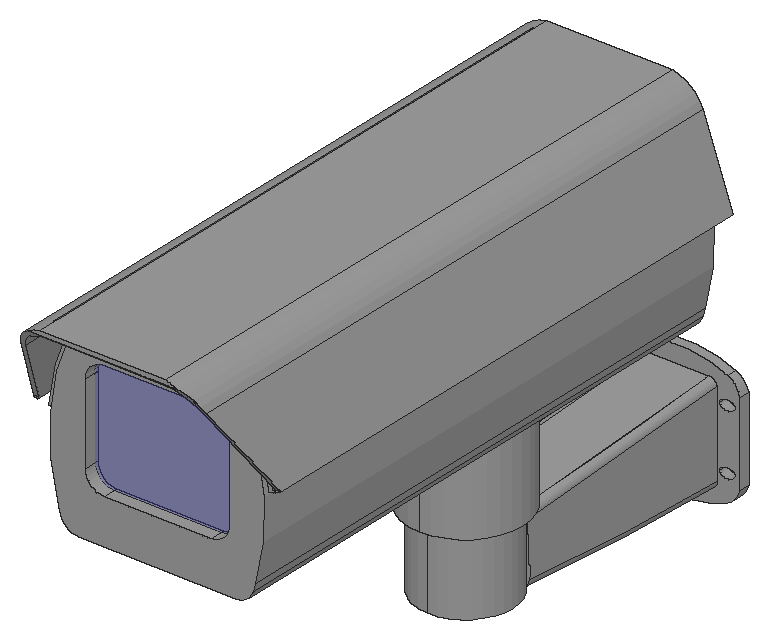
Revit family "SDP-857_RV17_LOD_400", category Электрооборудование, Revit 2017
Family settings
  Конфигурация панели = Два столбца, слева направо
  Размер круглого соединителя = Использовать диаметр
  Тип детали = Щит
  На основе рабочей плоскости = Да
  Всегда вертикально = Нет
  При загрузке вырезать с полостями = Нет
  Общий = Нет
  Точка расчета площади = Нет
Parameters (values of type "SDP-857")
  Чувствительность при светосиле F1.2, Люкс (ч/б) = 0.001
  Чувствительность при светосиле F1.2, Люкс (Цвет) = "0.01"
  Частота кадров, кадров /сек = 25
  Фокусное расстояние объектива, мм = "5-50"
  Управление = "Веб-интерфейс ,Stil-VS"
  Смещение_УГО_Y [instance] = 0 mm
  Смехение_УГО_X [instance] = 0 mm
  Скорость передачи = "50Kбит/с~12Mбит/с"
  Сжатие изображения = "Н.265/ H.264 /MJPEG"
  Сетевой интерфейс = "1 RJ45 10М/100М Ethernet порт"
  Режим день/ночь = "Механический ИК-фильтр с автопереключением"
  Раздел проекта [instance] = ""
  Раздел Спецификации [instance] = ""
  Поддерживаемые сетевые протоколы = "TCP/IP, ICMP, HTTP, HTTPS, FTP, DHCP, DNS, DDNS, RTP, RTSP, RTCP, PPPoE, NTP, UPnP, SMTP, SNMP, IGMP, 802.1X, QoS, IPv6, Bonjour (SIP опция)"
  Default Elevation = 1219.2 mm
  Объектив = "Вариофокальный с автодиафрагмой"
  Напряжение = "12"
  Мощность = "15"
  Матрица = "1/2.8\" CMOS"
  Максимальное разрешение, пикс = "2592х1944"
  Диапазон рабочих температур, °С = "от –40 до +50"
  Габаритные размеры с кронштейном, мм = "450x255x140"
  Габаритные размеры без кронштейном, мм = "403x163x140"
  Вертикальный угол [instance] = 0.00°
  В_Смещение_УГО_Y [instance] = Смещение_УГО_Y + 2000 mm  # 2000 mm
  В_Смещение_УГО_X [instance] = Смехение_УГО_X + 2000 mm  # 2000 mm
  В_Вертикальный угол [instance] = if(and(Вертикальный угол > -50.01°, not(Вертикальный угол > 20.00°)), Вертикальный угол, 0.00°)  # 0.00°
  ADSK_Примечание = ""
  ADSK_Наименование = "IIP-видеокамера SDP-857"
  ADSK_Масса = 3
  ADSK_Марка = "СТАЕ.426459.033-06"
  ADSK_Количество = 1
  ADSK_Код изделия = ""
  ADSK_Завод-изготовитель = "ООО «Основа Безопасности»"  # constant formula
  ADSK_Единица измерения = "шт."  # constant formula
  ADSK_URL страницы изделия = "https://stilsoft.ru/products/sdp-857"
  ADSK_URL документации изделия = ""
Reference planes
  plane 1 "По центру (Вперед/Назад)": y = 0
  plane 2: z = 0
  plane 3 "По центру (Влево/Вправо)": x = 0
  plane 4 "1": z = 97
  plane 5: y = -175.181
  plane 6: z = 92
  plane 7: y = 0
  plane 8: x = 0
  plane 9: y = 2000
  plane 10: x = -2000
Lines and regions (mm)
  reference lines
    curve 1: line (0, -175.181, 97) -> (0, -370.181, 97)
Dimensions and locks
  locked: plane 9 to plane 1 "По центру (Вперед/Назад)" at 2000
  locked: plane 10 to plane 3 "По центру (Влево/Вправо)" at 2000
  "В_Смещение_УГО_X": plane 10 to plane 8
  "В_Смещение_УГО_Y": plane 9 to plane 7
  "В_Вертикальный угол": angle plane 6 to curve 1
  aligned and locked: level to plane 2
  aligned and locked: plane 5 to curve 1
  aligned and locked: plane 4 "1" to curve 1
  aligned and locked: nested 3 to plane 7
  aligned and locked: plane 8 to nested 3
Nested families
  nested 1: "кронштейн 856" at (0, 0, 0), type "кронштейн CI-800"
  nested 2: "объектив 856_RV17_1" at (0, -175, 97), type "объектив_856"
  nested 3: "УГО_камера" at (0, 0, 0), type "УГО_камера", detail levels coarse
Definition of nested family "кронштейн 856"
  Reference planes
    plane 1 "По центру (Вперед/Назад)": y = 0
    plane 2: z = 0
    plane 3 "По центру (Влево/Вправо)": x = 0
    plane 4 "вверх": z = 97
    plane 5: y = -175
  Forms (mm)
    Extrusion 1, solid, detail levels medium+fine
      sketch origin (0, 0, 0) x (1, 0, 0) y (0, 0, 1)
        loop
          line (40, -26.5) -> (40, 26.5)
          arc (40, 26.5) -> (37.275, 32.187) -> (32.285, 36.042) r 13.646
          arc (32.285, 36.042) -> (0, 43) -> (-32.285, 36.042) r 78.382
          arc (-32.285, 36.042) -> (-37.275, 32.187) -> (-40, 26.5) r 13.646
          line (-40, 26.5) -> (-40, -26.5)
          arc (-40, -26.5) -> (-37.275, -32.187) -> (-32.285, -36.042) r 13.646
          arc (-32.285, -36.042) -> (0, -43) -> (32.285, -36.042) r 78.382
          arc (32.285, -36.042) -> (37.275, -32.187) -> (40, -26.5) r 13.646
        loop
          line (15, 31) -> (-15, 31)
          arc (-15, 31) -> (-20.222, 29.099) -> (-23, 24.285) r 8.123
          line (-23, 24.285) -> (-23, -24.693)
          arc (-23, -24.693) -> (-20.094, -29.234) -> (-15, -31) r 8.227
          line (-15, -31) -> (15, -31)
          arc (15, -31) -> (20.094, -29.234) -> (23, -24.693) r 8.227
          line (23, -24.693) -> (23, 24.285)
          arc (23, 24.285) -> (20.222, 29.099) -> (15, 31) r 8.123
        loop
          spline (37.045, 19.382) -> (36.874, 20.242) -> (36.375, 21.044) -> (35.58, 21.732) -> (34.545, 22.26) -> (33.339, 22.593) -> (32.045, 22.706) -> (30.751, 22.593) -> (29.545, 22.26) -> (28.509, 21.732) -> (27.715, 21.044) -> (27.215, 20.242) -> (27.045, 19.382)
          spline (27.045, 19.382) -> (27.215, 18.522) -> (27.715, 17.72) -> (28.509, 17.032) -> (29.545, 16.504) -> (30.751, 16.171) -> (32.045, 16.058) -> (33.339, 16.171) -> (34.545, 16.504) -> (35.58, 17.032) -> (36.375, 17.72) -> (36.874, 18.522) -> (37.045, 19.382)
        loop
          spline (37.045, -19.382) -> (36.874, -18.522) -> (36.375, -17.72) -> (35.58, -17.032) -> (34.545, -16.504) -> (33.339, -16.171) -> (32.045, -16.058) -> (30.751, -16.171) -> (29.545, -16.504) -> (28.509, -17.032) -> (27.715, -17.72) -> (27.215, -18.522) -> (27.045, -19.382)
          spline (27.045, -19.382) -> (27.215, -20.242) -> (27.715, -21.044) -> (28.509, -21.732) -> (29.545, -22.26) -> (30.751, -22.593) -> (32.045, -22.706) -> (33.339, -22.593) -> (34.545, -22.26) -> (35.58, -21.732) -> (36.375, -21.044) -> (36.874, -20.242) -> (37.045, -19.382)
        loop
          spline (-37.045, 19.382) -> (-36.874, 18.522) -> (-36.375, 17.72) -> (-35.58, 17.032) -> (-34.545, 16.504) -> (-33.339, 16.171) -> (-32.045, 16.058) -> (-30.751, 16.171) -> (-29.545, 16.504) -> (-28.509, 17.032) -> (-27.715, 17.72) -> (-27.215, 18.522) -> (-27.045, 19.382)
          spline (-27.045, 19.382) -> (-27.215, 20.242) -> (-27.715, 21.044) -> (-28.509, 21.732) -> (-29.545, 22.26) -> (-30.751, 22.593) -> (-32.045, 22.706) -> (-33.339, 22.593) -> (-34.545, 22.26) -> (-35.58, 21.732) -> (-36.375, 21.044) -> (-36.874, 20.242) -> (-37.045, 19.382)
        loop
          spline (-37.045, -19.382) -> (-36.874, -20.242) -> (-36.375, -21.044) -> (-35.58, -21.732) -> (-34.545, -22.26) -> (-33.339, -22.593) -> (-32.045, -22.706) -> (-30.751, -22.593) -> (-29.545, -22.26) -> (-28.509, -21.732) -> (-27.715, -21.044) -> (-27.215, -20.242) -> (-27.045, -19.382)
          spline (-27.045, -19.382) -> (-27.215, -18.522) -> (-27.715, -17.72) -> (-28.509, -17.032) -> (-29.545, -16.504) -> (-30.751, -16.171) -> (-32.045, -16.058) -> (-33.339, -16.171) -> (-34.545, -16.504) -> (-35.58, -17.032) -> (-36.375, -17.72) -> (-36.874, -18.522) -> (-37.045, -19.382)
      from 0 to 6.5
    Extrusion 2, solid, detail levels medium+fine
      sketch origin (0, 0, 97) x (-1, 0, 0) y (0, -1, 0)
        loop
          line (40, 220) -> (-40, 220) -> (-40, 140)
          arc (-40, 140) -> (-37.67, 136.421) -> (-33.925, 134.368) r 8.766
          arc (-33.925, 134.368) -> (0.089, 130) -> (34.102, 134.368) r 134.608
          arc (34.102, 134.368) -> (37.781, 136.42) -> (40, 140) r 8.399
          line (40, 140) -> (40, 220)
        loop
          circle (0, 175.181) r 33
        loop
          circle (28.563, 145.26) r 4.5
        loop
          circle (-28.563, 145.26) r 4.5
        loop
          circle (28.563, 206.85) r 4.5
        loop
          circle (-28.563, 206.85) r 4.5
      from 0 to -7
    SweptBlend 3, solid, detail levels medium+fine
      path origin (0, 0, 0) x (0, 1, 0) y (0, 0, 1)
        loop
          arc (-6.5, 32) -> (-81.412, 25.857) -> (-156.5, 22.5) r 2024.342
      profile origin (0, -6.5, 32) x (0, 0.100212, -0.994966) y (1, 0, 0)
        loop
          line (0, 20) -> (0, -20)
          arc (0, -20) -> (1.464, -23.536) -> (5, -25) r 5
          line (5, -25) -> (59.331, -25)
          arc (59.331, -25) -> (62.866, -23.536) -> (64.331, -20) r 5
          line (64.331, -20) -> (64.331, 20)
          arc (64.331, 20) -> (62.866, 23.536) -> (59.331, 25) r 5
          line (59.331, 25) -> (5, 25)
          arc (5, 25) -> (1.464, 23.536) -> (0, 20) r 5
      end profile origin (0, -156.5, 22.5) x (0, 0.026114, -0.999659) y (1, 0, 0)
        loop
          arc (0, -20) -> (1.464, -23.536) -> (5, -25) r 5
          line (5, -25) -> (40, -25)
          arc (40, -25) -> (43.536, -23.536) -> (45, -20) r 5
          line (45, -20) -> (45, 20)
          arc (45, 20) -> (43.536, 23.536) -> (40, 25) r 5
          line (40, 25) -> (5, 25)
          arc (5, 25) -> (1.464, 23.536) -> (0, 20) r 5
          line (0, 20) -> (0, -20)
    Revolve 4, solid, detail levels medium+fine
      sketch origin (0, 0, 0) x (0, 1, 0) y (0, 0, 1)
        loop
          line (-175, 34) -> (-205, 34) -> (-205, -23.3) -> (-199.21, -26) -> (-185.702, -26) -> (-183.843, -27.86) -> (-175, -27.86) -> (-175, 34)
        axis (-175, 34) -> (-175, -27.86)
      angle from 0 to 360
    Revolve 5, solid, detail levels medium+fine
      sketch origin (0, 0, 0) x (0, 1, 0) y (0, 0, 1)
        loop
          line (-175, 90) -> (-211.5, 90) -> (-211.5, 26) -> (-175, 26) -> (-175, 90)
        axis (-175, 90) -> (-175, 26)
      angle from 0 to 360
  Cuts and joins
    joined: SweptBlend 3, Revolve 4
  Dimensions and locks
    aligned and locked: level to plane 2
Definition of nested family "объектив 856_RV17_1"
  Parameters (values of type "объектив_856")
    Default Elevation = 1219.2 mm
    ADSK_Размер_Ширина = 163 mm
    ADSK_Размер_Длина = 403 mm
    ADSK_Размер_Высота = 140 mm
  Reference planes
    plane 1 "По центру (Вперед/Назад)": y = 0
    plane 2: z = 0
    plane 3 "По центру (Влево/Вправо)": x = 0
    plane 4: y = 115
    plane 5 "2": y = -288
    plane 6 "3": x = -81.5
    plane 7: x = 81.5
    plane 8: z = 140
  Forms (mm)
    Extrusion 1, solid
      sketch origin (0, 0, 0) x (1, 0, 0) y (0, 1, 0)
        loop
          line (-1219.2, 1219.2) -> (-1219.2, -1219.2) -> (1219.2, -1219.2) -> (1219.2, 1219.2) -> (-1219.2, 1219.2)
      from 0 to -304.8
    Extrusion 2, solid, detail levels fine
      sketch origin (0, -235, 0) x (-1, 0, 0) y (0, 0, 1)
        loop
          arc (-34, 103.5) -> (-42.485, 99.985) -> (-46, 91.5) r 12
          line (-46, 91.5) -> (-46, 40.5)
          arc (-46, 40.5) -> (-42.485, 32.015) -> (-34, 28.5) r 12
          line (-34, 28.5) -> (34, 28.5)
          arc (34, 28.5) -> (42.485, 32.015) -> (46, 40.5) r 12
          line (46, 40.5) -> (46, 90.5)
          arc (46, 90.5) -> (42.846, 99.627) -> (34, 103.5) r 12.038
          line (34, 103.5) -> (-34, 103.5)
      from -2.157 to 0
    Extrusion 3, void, detail levels medium+fine
      sketch origin (-25.618, -245, 0) x (-1, 0, 0) y (0, 0, 1)
        loop
          arc (-59.618, 103.5) -> (-68.103, 99.985) -> (-71.618, 91.5) r 12
          line (-71.618, 91.5) -> (-71.618, 40.5)
          arc (-71.618, 40.5) -> (-68.103, 32.015) -> (-59.618, 28.5) r 12
          line (-59.618, 28.5) -> (8.382, 28.5)
          arc (8.382, 28.5) -> (16.867, 32.015) -> (20.382, 40.5) r 12
          line (20.382, 40.5) -> (20.382, 91.5)
          arc (20.382, 91.5) -> (16.867, 99.985) -> (8.382, 103.5) r 12
          line (8.382, 103.5) -> (-59.618, 103.5)
      from 0 to 10
    Extrusion 4, solid, detail levels medium+fine
      sketch origin (0, -245, 0) x (-1, 0, 0) y (0, 0, 1)
        loop
          arc (50, 0) -> (57.189, 2.392) -> (61.512, 8.614) r 12
          line (61.512, 8.614) -> (62.923, 13.41)
          arc (62.923, 13.41) -> (68.279, 64.455) -> (55.156, 114.074) r 142.131
          line (55.156, 114.074) -> (49.739, 124.705)
          arc (49.739, 124.705) -> (45.339, 130.361) -> (38.5, 132.5) r 12
          line (38.5, 132.5) -> (-38.5, 132.5)
          arc (-38.5, 132.5) -> (-45.428, 130.298) -> (-49.813, 124.501) r 12
          line (-49.813, 124.501) -> (-55.156, 114.074)
          arc (-55.156, 114.074) -> (-68.308, 64.079) -> (-62.708, 12.686) r 142.131
          line (-62.708, 12.686) -> (-61.249, 7.822)
          arc (-61.249, 7.822) -> (-56.851, 2.148) -> (-50, 0) r 12
          line (-50, 0) -> (50, 0)
      from 0 to 357
    Extrusion 5, solid, detail levels fine
      sketch origin (-0.209, -242, 0.071) x (-1, 0, 0) y (0, 0, 1)
        loop
          arc (38.578, 132.557) -> (45.415, 130.431) -> (49.841, 124.802) r 12.055
          line (49.841, 124.802) -> (54.994, 114.075)
          arc (54.994, 114.075) -> (64.004, 90.706) -> (68.009, 65.983) r 120.955
          line (68.009, 65.983) -> (71.199, 66.175)
          arc (71.199, 66.175) -> (67.1, 91.51) -> (57.876, 115.46) r 124.075
          line (57.876, 115.46) -> (52.723, 126.187)
          arc (52.723, 126.187) -> (47.181, 133.257) -> (38.603, 135.929) r 15.104
          line (38.603, 135.929) -> (-38.269, 135.929)
          arc (-38.269, 135.929) -> (-47.09, 133.239) -> (-52.909, 126.084) r 15.807
          line (-52.909, 126.084) -> (-58.306, 115.554)
          arc (-58.306, 115.554) -> (-66.525, 91.35) -> (-71.618, 66.302) r 201.782
          line (-71.618, 66.302) -> (-68.168, 66.004)
          arc (-68.168, 66.004) -> (-63.792, 90.618) -> (-55.171, 114.084) r 142.14
          line (-55.171, 114.084) -> (-49.83, 124.506)
          arc (-49.83, 124.506) -> (-45.437, 130.34) -> (-38.479, 132.557) r 12.027
          line (-38.479, 132.557) -> (38.578, 132.557)
      from 0 to 355
    Extrusion 6, solid, detail levels fine
      sketch origin (-0.376, -288, -0.281) x (1, 0, 0) y (0, 0, 1)
        loop
          line (-40, 137) -> (40, 137)
          arc (40, 137) -> (50.459, 131.347) -> (57.085, 121.475) r 24.798
          line (57.085, 121.475) -> (75.896, 69.792) -> (78.715, 70.818) -> (59.375, 123.956)
          arc (59.375, 123.956) -> (51.865, 134.608) -> (40, 140) r 24.875
          line (40, 140) -> (-40, 140)
          arc (-40, 140) -> (-51.865, 134.608) -> (-59.375, 123.956) r 24.875
          line (-59.375, 123.956) -> (-78.715, 70.818) -> (-75.896, 69.792) -> (-57.085, 121.475)
          arc (-57.085, 121.475) -> (-50.459, 131.347) -> (-40, 137) r 24.798
      from 0 to -403
    Extrusion 7, void
      sketch origin (-81.5, 0, 1.054) x (0, -1, 0) y (0, 0, 1)
        loop
          line (245, 69.792) -> (245, 67.946) -> (289, 67.946) -> (289, 136) -> (288, 136) -> (245, 69.792)
      from 0 to -170
    Extrusion 8, solid, not visible, detail levels fine
      sketch origin (0, -235, 0) x (-1, 0, 0) y (0, 0, 1)
        loop
          arc (-34, 103.5) -> (-42.485, 99.985) -> (-46, 91.5) r 12
          line (-46, 91.5) -> (-46, 40.5)
          arc (-46, 40.5) -> (-42.485, 32.015) -> (-34, 28.5) r 12
          line (-34, 28.5) -> (34, 28.5)
          arc (34, 28.5) -> (42.485, 32.015) -> (46, 40.5) r 12
          line (46, 40.5) -> (46, 90.5)
          arc (46, 90.5) -> (42.846, 99.627) -> (34, 103.5) r 12.038
          line (34, 103.5) -> (-34, 103.5)
      from 0 to 3
    Extrusion 9, void, not visible, detail levels medium+fine
      sketch origin (0, -245, 0) x (-1, 0, 0) y (0, 0, 1)
        loop
          arc (-34, 103.5) -> (-42.485, 99.985) -> (-46, 91.5) r 12
          line (-46, 91.5) -> (-46, 40.5)
          arc (-46, 40.5) -> (-42.485, 32.015) -> (-34, 28.5) r 12
          line (-34, 28.5) -> (34, 28.5)
          arc (34, 28.5) -> (42.485, 32.015) -> (46, 40.5) r 12
          line (46, 40.5) -> (46, 91.5)
          arc (46, 91.5) -> (42.485, 99.985) -> (34, 103.5) r 12
          line (34, 103.5) -> (-34, 103.5)
      from 0 to 10
    Extrusion 10, solid, not visible, detail levels medium+fine
      sketch origin (0, -245, 0) x (-1, 0, 0) y (0, 0, 1)
        loop
          arc (50, 0) -> (57.189, 2.392) -> (61.512, 8.614) r 12
          line (61.512, 8.614) -> (62.923, 13.41)
          arc (62.923, 13.41) -> (68.279, 64.455) -> (55.156, 114.074) r 142.131
          line (55.156, 114.074) -> (49.739, 124.705)
          arc (49.739, 124.705) -> (45.339, 130.361) -> (38.5, 132.5) r 12
          line (38.5, 132.5) -> (-38.5, 132.5)
          arc (-38.5, 132.5) -> (-45.428, 130.298) -> (-49.813, 124.501) r 12
          line (-49.813, 124.501) -> (-55.156, 114.074)
          arc (-55.156, 114.074) -> (-68.308, 64.079) -> (-62.708, 12.686) r 142.131
          line (-62.708, 12.686) -> (-61.249, 7.822)
          arc (-61.249, 7.822) -> (-56.851, 2.148) -> (-50, 0) r 12
          line (-50, 0) -> (50, 0)
      from 0 to 357
    Extrusion 11, solid, not visible, detail levels fine
      sketch origin (0, -242, 0) x (-1, 0, 0) y (0, 0, 1)
        loop
          arc (38.578, 132.557) -> (45.415, 130.431) -> (49.841, 124.802) r 12.055
          line (49.841, 124.802) -> (54.994, 114.075)
          arc (54.994, 114.075) -> (64.004, 90.706) -> (68.009, 65.983) r 120.955
          line (68.009, 65.983) -> (71.199, 66.175)
          arc (71.199, 66.175) -> (67.1, 91.51) -> (57.876, 115.46) r 124.075
          line (57.876, 115.46) -> (52.723, 126.187)
          arc (52.723, 126.187) -> (47.181, 133.257) -> (38.603, 135.929) r 15.104
          line (38.603, 135.929) -> (-38.269, 135.929)
          arc (-38.269, 135.929) -> (-47.09, 133.239) -> (-52.909, 126.084) r 15.807
          line (-52.909, 126.084) -> (-58.306, 115.554)
          arc (-58.306, 115.554) -> (-66.525, 91.35) -> (-71.618, 66.302) r 201.782
          line (-71.618, 66.302) -> (-68.168, 66.004)
          arc (-68.168, 66.004) -> (-63.792, 90.618) -> (-55.171, 114.084) r 142.14
          line (-55.171, 114.084) -> (-49.83, 124.506)
          arc (-49.83, 124.506) -> (-45.437, 130.34) -> (-38.479, 132.557) r 12.027
          line (-38.479, 132.557) -> (38.578, 132.557)
      from 0 to 355
    Extrusion 12, solid, not visible, detail levels fine
      sketch origin (0, -288, 0) x (1, 0, 0) y (0, 0, 1)
        loop
          line (-40, 137) -> (40, 137)
          arc (40, 137) -> (50.459, 131.347) -> (57.085, 121.475) r 24.798
          line (57.085, 121.475) -> (75.896, 69.792) -> (78.715, 70.818) -> (59.375, 123.956)
          arc (59.375, 123.956) -> (51.865, 134.608) -> (40, 140) r 24.875
          line (40, 140) -> (-40, 140)
          arc (-40, 140) -> (-51.865, 134.608) -> (-59.375, 123.956) r 24.875
          line (-59.375, 123.956) -> (-78.715, 70.818) -> (-75.896, 69.792) -> (-57.085, 121.475)
          arc (-57.085, 121.475) -> (-50.459, 131.347) -> (-40, 137) r 24.798
      from 0 to -403
    Extrusion 13, void, not visible
      sketch origin (-81.5, 0, 0) x (0, -1, 0) y (0, 0, 1)
        loop
          line (245, 69.792) -> (245, 67.946) -> (289, 67.946) -> (289, 136) -> (288, 136) -> (245, 69.792)
      from 0 to -170
    Extrusion 14, solid, not visible
      sketch origin (0, 0, 0) x (1, 0, 0) y (0, 1, 0)
        loop
          circle (0, 0) r 35
      from 0 to -1
    Extrusion 15, solid, not visible, detail levels fine
      sketch origin (0, -235, 0) x (-1, 0, 0) y (0, 0, 1)
        loop
          arc (-34, 103.5) -> (-42.485, 99.985) -> (-46, 91.5) r 12
          line (-46, 91.5) -> (-46, 40.5)
          arc (-46, 40.5) -> (-42.485, 32.015) -> (-34, 28.5) r 12
          line (-34, 28.5) -> (34, 28.5)
          arc (34, 28.5) -> (42.485, 32.015) -> (46, 40.5) r 12
          line (46, 40.5) -> (46, 90.5)
          arc (46, 90.5) -> (42.846, 99.627) -> (34, 103.5) r 12.038
          line (34, 103.5) -> (-34, 103.5)
      from 0 to 3
    Extrusion 16, void, not visible, detail levels medium+fine
      sketch origin (0, -245, 0) x (-1, 0, 0) y (0, 0, 1)
        loop
          arc (-34, 103.5) -> (-42.485, 99.985) -> (-46, 91.5) r 12
          line (-46, 91.5) -> (-46, 40.5)
          arc (-46, 40.5) -> (-42.485, 32.015) -> (-34, 28.5) r 12
          line (-34, 28.5) -> (34, 28.5)
          arc (34, 28.5) -> (42.485, 32.015) -> (46, 40.5) r 12
          line (46, 40.5) -> (46, 91.5)
          arc (46, 91.5) -> (42.485, 99.985) -> (34, 103.5) r 12
          line (34, 103.5) -> (-34, 103.5)
      from 0 to 10
    Extrusion 17, solid, not visible, detail levels medium+fine
      sketch origin (0, -245, 0) x (-1, 0, 0) y (0, 0, 1)
        loop
          arc (50, 0) -> (57.189, 2.392) -> (61.512, 8.614) r 12
          line (61.512, 8.614) -> (62.923, 13.41)
          arc (62.923, 13.41) -> (68.279, 64.455) -> (55.156, 114.074) r 142.131
          line (55.156, 114.074) -> (49.739, 124.705)
          arc (49.739, 124.705) -> (45.339, 130.361) -> (38.5, 132.5) r 12
          line (38.5, 132.5) -> (-38.5, 132.5)
          arc (-38.5, 132.5) -> (-45.428, 130.298) -> (-49.813, 124.501) r 12
          line (-49.813, 124.501) -> (-55.156, 114.074)
          arc (-55.156, 114.074) -> (-68.308, 64.079) -> (-62.708, 12.686) r 142.131
          line (-62.708, 12.686) -> (-61.249, 7.822)
          arc (-61.249, 7.822) -> (-56.851, 2.148) -> (-50, 0) r 12
          line (-50, 0) -> (50, 0)
      from 0 to 357
    Extrusion 18, solid, not visible, detail levels fine
      sketch origin (0, -242, 0) x (-1, 0, 0) y (0, 0, 1)
        loop
          arc (38.578, 132.557) -> (45.415, 130.431) -> (49.841, 124.802) r 12.055
          line (49.841, 124.802) -> (54.994, 114.075)
          arc (54.994, 114.075) -> (64.004, 90.706) -> (68.009, 65.983) r 120.955
          line (68.009, 65.983) -> (71.199, 66.175)
          arc (71.199, 66.175) -> (67.1, 91.51) -> (57.876, 115.46) r 124.075
          line (57.876, 115.46) -> (52.723, 126.187)
          arc (52.723, 126.187) -> (47.181, 133.257) -> (38.603, 135.929) r 15.104
          line (38.603, 135.929) -> (-38.269, 135.929)
          arc (-38.269, 135.929) -> (-47.09, 133.239) -> (-52.909, 126.084) r 15.807
          line (-52.909, 126.084) -> (-58.306, 115.554)
          arc (-58.306, 115.554) -> (-66.525, 91.35) -> (-71.618, 66.302) r 201.782
          line (-71.618, 66.302) -> (-68.168, 66.004)
          arc (-68.168, 66.004) -> (-63.792, 90.618) -> (-55.171, 114.084) r 142.14
          line (-55.171, 114.084) -> (-49.83, 124.506)
          arc (-49.83, 124.506) -> (-45.437, 130.34) -> (-38.479, 132.557) r 12.027
          line (-38.479, 132.557) -> (38.578, 132.557)
      from 0 to 355
    Extrusion 19, solid, not visible, detail levels fine
      sketch origin (0, -288, 0) x (1, 0, 0) y (0, 0, 1)
        loop
          line (-40, 137) -> (40, 137)
          arc (40, 137) -> (50.459, 131.347) -> (57.085, 121.475) r 24.798
          line (57.085, 121.475) -> (75.896, 69.792) -> (78.715, 70.818) -> (59.375, 123.956)
          arc (59.375, 123.956) -> (51.865, 134.608) -> (40, 140) r 24.875
          line (40, 140) -> (-40, 140)
          arc (-40, 140) -> (-51.865, 134.608) -> (-59.375, 123.956) r 24.875
          line (-59.375, 123.956) -> (-78.715, 70.818) -> (-75.896, 69.792) -> (-57.085, 121.475)
          arc (-57.085, 121.475) -> (-50.459, 131.347) -> (-40, 137) r 24.798
      from 0 to -403
    Extrusion 20, void, not visible
      sketch origin (-81.5, 0, 0) x (0, -1, 0) y (0, 0, 1)
        loop
          line (245, 69.792) -> (245, 67.946) -> (289, 67.946) -> (289, 136) -> (288, 136) -> (245, 69.792)
      from 0 to -170
    Extrusion 21, solid, not visible
      sketch origin (0, 0, 0) x (1, 0, 0) y (0, 1, 0)
        loop
          circle (0, 0) r 35
      from 0 to -1
    Extrusion 22, solid, not visible, detail levels fine
      sketch origin (0, -235, 0) x (-1, 0, 0) y (0, 0, 1)
        loop
          arc (-34, 103.5) -> (-42.485, 99.985) -> (-46, 91.5) r 12
          line (-46, 91.5) -> (-46, 40.5)
          arc (-46, 40.5) -> (-42.485, 32.015) -> (-34, 28.5) r 12
          line (-34, 28.5) -> (34, 28.5)
          arc (34, 28.5) -> (42.485, 32.015) -> (46, 40.5) r 12
          line (46, 40.5) -> (46, 90.5)
          arc (46, 90.5) -> (42.846, 99.627) -> (34, 103.5) r 12.038
          line (34, 103.5) -> (-34, 103.5)
      from 0 to 2
    Extrusion 23, void, not visible, detail levels medium+fine
      sketch origin (0, -245, 0) x (-1, 0, 0) y (0, 0, 1)
        loop
          arc (-34, 103.5) -> (-42.485, 99.985) -> (-46, 91.5) r 12
          line (-46, 91.5) -> (-46, 40.5)
          arc (-46, 40.5) -> (-42.485, 32.015) -> (-34, 28.5) r 12
          line (-34, 28.5) -> (34, 28.5)
          arc (34, 28.5) -> (42.485, 32.015) -> (46, 40.5) r 12
          line (46, 40.5) -> (46, 91.5)
          arc (46, 91.5) -> (42.485, 99.985) -> (34, 103.5) r 12
          line (34, 103.5) -> (-34, 103.5)
      from 0 to 10
    Extrusion 24, solid, not visible, detail levels medium+fine
      sketch origin (0, -245, 0) x (-1, 0, 0) y (0, 0, 1)
        loop
          arc (50, 0) -> (57.189, 2.392) -> (61.512, 8.614) r 12
          line (61.512, 8.614) -> (62.923, 13.41)
          arc (62.923, 13.41) -> (68.279, 64.455) -> (55.156, 114.074) r 142.131
          line (55.156, 114.074) -> (49.739, 124.705)
          arc (49.739, 124.705) -> (45.339, 130.361) -> (38.5, 132.5) r 12
          line (38.5, 132.5) -> (-38.5, 132.5)
          arc (-38.5, 132.5) -> (-45.428, 130.298) -> (-49.813, 124.501) r 12
          line (-49.813, 124.501) -> (-55.156, 114.074)
          arc (-55.156, 114.074) -> (-68.308, 64.079) -> (-62.708, 12.686) r 142.131
          line (-62.708, 12.686) -> (-61.249, 7.822)
          arc (-61.249, 7.822) -> (-56.851, 2.148) -> (-50, 0) r 12
          line (-50, 0) -> (50, 0)
      from 0 to 357
    Extrusion 25, solid, not visible, detail levels fine
      sketch origin (0, -242, 0) x (-1, 0, 0) y (0, 0, 1)
        loop
          arc (38.578, 132.557) -> (45.415, 130.431) -> (49.841, 124.802) r 12.055
          line (49.841, 124.802) -> (54.994, 114.075)
          arc (54.994, 114.075) -> (64.004, 90.706) -> (68.009, 65.983) r 120.955
          line (68.009, 65.983) -> (71.199, 66.175)
          arc (71.199, 66.175) -> (67.1, 91.51) -> (57.876, 115.46) r 124.075
          line (57.876, 115.46) -> (52.723, 126.187)
          arc (52.723, 126.187) -> (47.181, 133.257) -> (38.603, 135.929) r 15.104
          line (38.603, 135.929) -> (-38.269, 135.929)
          arc (-38.269, 135.929) -> (-47.09, 133.239) -> (-52.909, 126.084) r 15.807
          line (-52.909, 126.084) -> (-58.306, 115.554)
          arc (-58.306, 115.554) -> (-66.525, 91.35) -> (-71.618, 66.302) r 201.782
          line (-71.618, 66.302) -> (-68.168, 66.004)
          arc (-68.168, 66.004) -> (-63.792, 90.618) -> (-55.171, 114.084) r 142.14
          line (-55.171, 114.084) -> (-49.83, 124.506)
          arc (-49.83, 124.506) -> (-45.437, 130.34) -> (-38.479, 132.557) r 12.027
          line (-38.479, 132.557) -> (38.578, 132.557)
      from 0 to 355
    Extrusion 26, solid, not visible, detail levels fine
      sketch origin (0, -288, 0) x (1, 0, 0) y (0, 0, 1)
        loop
          line (-40, 137) -> (40, 137)
          arc (40, 137) -> (50.459, 131.347) -> (57.085, 121.475) r 24.798
          line (57.085, 121.475) -> (75.896, 69.792) -> (78.715, 70.818) -> (59.375, 123.956)
          arc (59.375, 123.956) -> (51.865, 134.608) -> (40, 140) r 24.875
          line (40, 140) -> (-40, 140)
          arc (-40, 140) -> (-51.865, 134.608) -> (-59.375, 123.956) r 24.875
          line (-59.375, 123.956) -> (-78.715, 70.818) -> (-75.896, 69.792) -> (-57.085, 121.475)
          arc (-57.085, 121.475) -> (-50.459, 131.347) -> (-40, 137) r 24.798
      from 0 to -403
    Extrusion 27, void, not visible
      sketch origin (-81.5, 0, -34.144) x (0, -1, 0) y (0, 0, 1)
        loop
          line (245, 69.792) -> (245, 67.946) -> (289, 67.946) -> (289, 136) -> (288, 136) -> (245, 69.792)
      from 0 to -170
    Extrusion 28, solid, not visible
      sketch origin (0, 0, -34.144) x (1, 0, 0) y (0, 1, 0)
        loop
          circle (0, 0) r 35
      from 0 to -1
    Extrusion 29, solid, not visible, detail levels fine
      sketch origin (-25.618, -235, 95.892) x (-1, 0, 0) y (0, 0, 1)
        loop
          arc (-34, 103.5) -> (-42.485, 99.985) -> (-46, 91.5) r 12
          line (-46, 91.5) -> (-46, 40.5)
          arc (-46, 40.5) -> (-42.485, 32.015) -> (-34, 28.5) r 12
          line (-34, 28.5) -> (34, 28.5)
          arc (34, 28.5) -> (42.485, 32.015) -> (46, 40.5) r 12
          line (46, 40.5) -> (46, 90.5)
          arc (46, 90.5) -> (42.846, 99.627) -> (34, 103.5) r 12.038
          line (34, 103.5) -> (-34, 103.5)
      from 0 to 2
    Extrusion 30, void, not visible, detail levels medium+fine
      sketch origin (-25.618, -245, 95.892) x (-1, 0, 0) y (0, 0, 1)
        loop
          arc (-34, 103.5) -> (-42.485, 99.985) -> (-46, 91.5) r 12
          line (-46, 91.5) -> (-46, 40.5)
          arc (-46, 40.5) -> (-42.485, 32.015) -> (-34, 28.5) r 12
          line (-34, 28.5) -> (34, 28.5)
          arc (34, 28.5) -> (42.485, 32.015) -> (46, 40.5) r 12
          line (46, 40.5) -> (46, 91.5)
          arc (46, 91.5) -> (42.485, 99.985) -> (34, 103.5) r 12
          line (34, 103.5) -> (-34, 103.5)
      from 0 to 10
    Extrusion 31, solid, not visible, detail levels medium+fine
      sketch origin (-25.618, -245, 95.892) x (-1, 0, 0) y (0, 0, 1)
        loop
          arc (50, 0) -> (57.189, 2.392) -> (61.512, 8.614) r 12
          line (61.512, 8.614) -> (62.923, 13.41)
          arc (62.923, 13.41) -> (68.279, 64.455) -> (55.156, 114.074) r 142.131
          line (55.156, 114.074) -> (49.739, 124.705)
          arc (49.739, 124.705) -> (45.339, 130.361) -> (38.5, 132.5) r 12
          line (38.5, 132.5) -> (-38.5, 132.5)
          arc (-38.5, 132.5) -> (-45.428, 130.298) -> (-49.813, 124.501) r 12
          line (-49.813, 124.501) -> (-55.156, 114.074)
          arc (-55.156, 114.074) -> (-68.308, 64.079) -> (-62.708, 12.686) r 142.131
          line (-62.708, 12.686) -> (-61.249, 7.822)
          arc (-61.249, 7.822) -> (-56.851, 2.148) -> (-50, 0) r 12
          line (-50, 0) -> (50, 0)
      from 0 to 357
    Extrusion 32, solid, not visible, detail levels fine
      sketch origin (-22.667, -242, 78.273) x (-1, 0, 0) y (0, 0, 1)
        loop
          arc (38.578, 132.557) -> (45.415, 130.431) -> (49.841, 124.802) r 12.055
          line (49.841, 124.802) -> (54.994, 114.075)
          arc (54.994, 114.075) -> (64.004, 90.706) -> (68.009, 65.983) r 120.955
          line (68.009, 65.983) -> (71.199, 66.175)
          arc (71.199, 66.175) -> (67.1, 91.51) -> (57.876, 115.46) r 124.075
          line (57.876, 115.46) -> (52.723, 126.187)
          arc (52.723, 126.187) -> (47.181, 133.257) -> (38.603, 135.929) r 15.104
          line (38.603, 135.929) -> (-38.269, 135.929)
          arc (-38.269, 135.929) -> (-47.09, 133.239) -> (-52.909, 126.084) r 15.807
          line (-52.909, 126.084) -> (-58.306, 115.554)
          arc (-58.306, 115.554) -> (-66.525, 91.35) -> (-71.618, 66.302) r 201.782
          line (-71.618, 66.302) -> (-68.168, 66.004)
          arc (-68.168, 66.004) -> (-63.792, 90.618) -> (-55.171, 114.084) r 142.14
          line (-55.171, 114.084) -> (-49.83, 124.506)
          arc (-49.83, 124.506) -> (-45.437, 130.34) -> (-38.479, 132.557) r 12.027
          line (-38.479, 132.557) -> (38.578, 132.557)
      from 0 to 355
    Extrusion 33, solid, not visible, detail levels fine
      sketch origin (-30.827, -288, 95.612) x (1, 0, 0) y (0, 0, 1)
        loop
          line (-40, 137) -> (40, 137)
          arc (40, 137) -> (50.459, 131.347) -> (57.085, 121.475) r 24.798
          line (57.085, 121.475) -> (75.896, 69.792) -> (78.715, 70.818) -> (59.375, 123.956)
          arc (59.375, 123.956) -> (51.865, 134.608) -> (40, 140) r 24.875
          line (40, 140) -> (-40, 140)
          arc (-40, 140) -> (-51.865, 134.608) -> (-59.375, 123.956) r 24.875
          line (-59.375, 123.956) -> (-78.715, 70.818) -> (-75.896, 69.792) -> (-57.085, 121.475)
          arc (-57.085, 121.475) -> (-50.459, 131.347) -> (-40, 137) r 24.798
      from 0 to -403
    Extrusion 34, void, not visible
      sketch origin (-81.5, 0, 61.749) x (0, -1, 0) y (0, 0, 1)
        loop
          line (245, 69.792) -> (245, 67.946) -> (289, 67.946) -> (289, 136) -> (288, 136) -> (245, 69.792)
      from 0 to -170
    Extrusion 35, solid, not visible, detail levels fine
      sketch origin (0, -235, 0) x (-1, 0, 0) y (0, 0, 1)
        loop
          arc (-34, 103.5) -> (-42.485, 99.985) -> (-46, 91.5) r 12
          line (-46, 91.5) -> (-46, 40.5)
          arc (-46, 40.5) -> (-42.485, 32.015) -> (-34, 28.5) r 12
          line (-34, 28.5) -> (34, 28.5)
          arc (34, 28.5) -> (42.485, 32.015) -> (46, 40.5) r 12
          line (46, 40.5) -> (46, 90.5)
          arc (46, 90.5) -> (42.846, 99.627) -> (34, 103.5) r 12.038
          line (34, 103.5) -> (-34, 103.5)
      from 0 to 2
    Extrusion 36, void, not visible, detail levels medium+fine
      sketch origin (-25.618, -245, 0) x (-1, 0, 0) y (0, 0, 1)
        loop
          arc (-59.618, 103.5) -> (-68.103, 99.985) -> (-71.618, 91.5) r 12
          line (-71.618, 91.5) -> (-71.618, 40.5)
          arc (-71.618, 40.5) -> (-68.103, 32.015) -> (-59.618, 28.5) r 12
          line (-59.618, 28.5) -> (8.382, 28.5)
          arc (8.382, 28.5) -> (16.867, 32.015) -> (20.382, 40.5) r 12
          line (20.382, 40.5) -> (20.382, 91.5)
          arc (20.382, 91.5) -> (16.867, 99.985) -> (8.382, 103.5) r 12
          line (8.382, 103.5) -> (-59.618, 103.5)
      from 0 to 10
    Extrusion 37, solid, not visible, detail levels medium+fine
      sketch origin (0, -245, 0) x (-1, 0, 0) y (0, 0, 1)
        loop
          arc (50, 0) -> (57.189, 2.392) -> (61.512, 8.614) r 12
          line (61.512, 8.614) -> (62.923, 13.41)
          arc (62.923, 13.41) -> (68.279, 64.455) -> (55.156, 114.074) r 142.131
          line (55.156, 114.074) -> (49.739, 124.705)
          arc (49.739, 124.705) -> (45.339, 130.361) -> (38.5, 132.5) r 12
          line (38.5, 132.5) -> (-38.5, 132.5)
          arc (-38.5, 132.5) -> (-45.428, 130.298) -> (-49.813, 124.501) r 12
          line (-49.813, 124.501) -> (-55.156, 114.074)
          arc (-55.156, 114.074) -> (-68.308, 64.079) -> (-62.708, 12.686) r 142.131
          line (-62.708, 12.686) -> (-61.249, 7.822)
          arc (-61.249, 7.822) -> (-56.851, 2.148) -> (-50, 0) r 12
          line (-50, 0) -> (50, 0)
      from 0 to 357
    Extrusion 38, solid, not visible, detail levels fine
      sketch origin (-0.209, -242, 0.071) x (-1, 0, 0) y (0, 0, 1)
        loop
          arc (38.578, 132.557) -> (45.415, 130.431) -> (49.841, 124.802) r 12.055
          line (49.841, 124.802) -> (54.994, 114.075)
          arc (54.994, 114.075) -> (64.004, 90.706) -> (68.009, 65.983) r 120.955
          line (68.009, 65.983) -> (71.199, 66.175)
          arc (71.199, 66.175) -> (67.1, 91.51) -> (57.876, 115.46) r 124.075
          line (57.876, 115.46) -> (52.723, 126.187)
          arc (52.723, 126.187) -> (47.181, 133.257) -> (38.603, 135.929) r 15.104
          line (38.603, 135.929) -> (-38.269, 135.929)
          arc (-38.269, 135.929) -> (-47.09, 133.239) -> (-52.909, 126.084) r 15.807
          line (-52.909, 126.084) -> (-58.306, 115.554)
          arc (-58.306, 115.554) -> (-66.525, 91.35) -> (-71.618, 66.302) r 201.782
          line (-71.618, 66.302) -> (-68.168, 66.004)
          arc (-68.168, 66.004) -> (-63.792, 90.618) -> (-55.171, 114.084) r 142.14
          line (-55.171, 114.084) -> (-49.83, 124.506)
          arc (-49.83, 124.506) -> (-45.437, 130.34) -> (-38.479, 132.557) r 12.027
          line (-38.479, 132.557) -> (38.578, 132.557)
      from 0 to 355
    Extrusion 39, solid, not visible, detail levels fine
      sketch origin (-0.376, -288, -0.281) x (1, 0, 0) y (0, 0, 1)
        loop
          line (-40, 137) -> (40, 137)
          arc (40, 137) -> (50.459, 131.347) -> (57.085, 121.475) r 24.798
          line (57.085, 121.475) -> (75.896, 69.792) -> (78.715, 70.818) -> (59.375, 123.956)
          arc (59.375, 123.956) -> (51.865, 134.608) -> (40, 140) r 24.875
          line (40, 140) -> (-40, 140)
          arc (-40, 140) -> (-51.865, 134.608) -> (-59.375, 123.956) r 24.875
          line (-59.375, 123.956) -> (-78.715, 70.818) -> (-75.896, 69.792) -> (-57.085, 121.475)
          arc (-57.085, 121.475) -> (-50.459, 131.347) -> (-40, 137) r 24.798
      from 0 to -403
    Extrusion 40, void, not visible
      sketch origin (-81.5, 0, 1.054) x (0, -1, 0) y (0, 0, 1)
        loop
          line (245, 69.792) -> (245, 67.946) -> (289, 67.946) -> (289, 136) -> (288, 136) -> (245, 69.792)
      from 0 to -170
    Extrusion 41, solid, not visible, detail levels fine
      sketch origin (0, -235, 0) x (-1, 0, 0) y (0, 0, 1)
        loop
          arc (-34, 103.5) -> (-42.485, 99.985) -> (-46, 91.5) r 12
          line (-46, 91.5) -> (-46, 40.5)
          arc (-46, 40.5) -> (-42.485, 32.015) -> (-34, 28.5) r 12
          line (-34, 28.5) -> (34, 28.5)
          arc (34, 28.5) -> (42.485, 32.015) -> (46, 40.5) r 12
          line (46, 40.5) -> (46, 90.5)
          arc (46, 90.5) -> (42.846, 99.627) -> (34, 103.5) r 12.038
          line (34, 103.5) -> (-34, 103.5)
      from -2.157 to 0
    Extrusion 42, void, not visible, detail levels medium+fine
      sketch origin (-25.618, -245, 0) x (-1, 0, 0) y (0, 0, 1)
        loop
          arc (-59.618, 103.5) -> (-68.103, 99.985) -> (-71.618, 91.5) r 12
          line (-71.618, 91.5) -> (-71.618, 40.5)
          arc (-71.618, 40.5) -> (-68.103, 32.015) -> (-59.618, 28.5) r 12
          line (-59.618, 28.5) -> (8.382, 28.5)
          arc (8.382, 28.5) -> (16.867, 32.015) -> (20.382, 40.5) r 12
          line (20.382, 40.5) -> (20.382, 91.5)
          arc (20.382, 91.5) -> (16.867, 99.985) -> (8.382, 103.5) r 12
          line (8.382, 103.5) -> (-59.618, 103.5)
      from 0 to 10
    Extrusion 43, solid, not visible, detail levels medium+fine
      sketch origin (0, -245, 0) x (-1, 0, 0) y (0, 0, 1)
        loop
          arc (50, 0) -> (57.189, 2.392) -> (61.512, 8.614) r 12
          line (61.512, 8.614) -> (62.923, 13.41)
          arc (62.923, 13.41) -> (68.279, 64.455) -> (55.156, 114.074) r 142.131
          line (55.156, 114.074) -> (49.739, 124.705)
          arc (49.739, 124.705) -> (45.339, 130.361) -> (38.5, 132.5) r 12
          line (38.5, 132.5) -> (-38.5, 132.5)
          arc (-38.5, 132.5) -> (-45.428, 130.298) -> (-49.813, 124.501) r 12
          line (-49.813, 124.501) -> (-55.156, 114.074)
          arc (-55.156, 114.074) -> (-68.308, 64.079) -> (-62.708, 12.686) r 142.131
          line (-62.708, 12.686) -> (-61.249, 7.822)
          arc (-61.249, 7.822) -> (-56.851, 2.148) -> (-50, 0) r 12
          line (-50, 0) -> (50, 0)
      from 0 to 357
    Extrusion 44, solid, not visible, detail levels fine
      sketch origin (-0.209, -242, 0.071) x (-1, 0, 0) y (0, 0, 1)
        loop
          arc (38.578, 132.557) -> (45.415, 130.431) -> (49.841, 124.802) r 12.055
          line (49.841, 124.802) -> (54.994, 114.075)
          arc (54.994, 114.075) -> (64.004, 90.706) -> (68.009, 65.983) r 120.955
          line (68.009, 65.983) -> (71.199, 66.175)
          arc (71.199, 66.175) -> (67.1, 91.51) -> (57.876, 115.46) r 124.075
          line (57.876, 115.46) -> (52.723, 126.187)
          arc (52.723, 126.187) -> (47.181, 133.257) -> (38.603, 135.929) r 15.104
          line (38.603, 135.929) -> (-38.269, 135.929)
          arc (-38.269, 135.929) -> (-47.09, 133.239) -> (-52.909, 126.084) r 15.807
          line (-52.909, 126.084) -> (-58.306, 115.554)
          arc (-58.306, 115.554) -> (-66.525, 91.35) -> (-71.618, 66.302) r 201.782
          line (-71.618, 66.302) -> (-68.168, 66.004)
          arc (-68.168, 66.004) -> (-63.792, 90.618) -> (-55.171, 114.084) r 142.14
          line (-55.171, 114.084) -> (-49.83, 124.506)
          arc (-49.83, 124.506) -> (-45.437, 130.34) -> (-38.479, 132.557) r 12.027
          line (-38.479, 132.557) -> (38.578, 132.557)
      from 0 to 355
    Extrusion 45, solid, not visible, detail levels fine
      sketch origin (-0.376, -288, -0.281) x (1, 0, 0) y (0, 0, 1)
        loop
          line (-40, 137) -> (40, 137)
          arc (40, 137) -> (50.459, 131.347) -> (57.085, 121.475) r 24.798
          line (57.085, 121.475) -> (75.896, 69.792) -> (78.715, 70.818) -> (59.375, 123.956)
          arc (59.375, 123.956) -> (51.865, 134.608) -> (40, 140) r 24.875
          line (40, 140) -> (-40, 140)
          arc (-40, 140) -> (-51.865, 134.608) -> (-59.375, 123.956) r 24.875
          line (-59.375, 123.956) -> (-78.715, 70.818) -> (-75.896, 69.792) -> (-57.085, 121.475)
          arc (-57.085, 121.475) -> (-50.459, 131.347) -> (-40, 137) r 24.798
      from 0 to -403
    Extrusion 46, void, not visible
      sketch origin (-81.5, 0, 1.054) x (0, -1, 0) y (0, 0, 1)
        loop
          line (245, 69.792) -> (245, 67.946) -> (289, 67.946) -> (289, 136) -> (288, 136) -> (245, 69.792)
      from 0 to -170
  Cuts and joins
    Extrusion 3 cuts Extrusion 4
    Extrusion 7 cuts Extrusion 6
  Dimensions and locks
    "ADSK_Размер_Длина": plane 4 to plane 5 "2"
    "ADSK_Размер_Ширина": plane 6 "3" to plane 7
    "ADSK_Размер_Высота": plane 8 to Extrusion 1
    aligned and locked: plane 2 to Extrusion 1
    aligned and locked: level to Extrusion 1
  Automatic sketch dimensions
    Extrusion 1 sketch curve to Extrusion 1 sketch curve = 2438.4 mm  (x2)
    Extrusion 4 sketch curve to Extrusion 4 sketch curve = 11.512 mm
    Extrusion 4 sketch curve to Extrusion 4 sketch curve = 1.411 mm
    Extrusion 4 sketch curve to Extrusion 4 sketch curve = 12 mm  (x2)
    Extrusion 4 sketch curve to Extrusion 4 sketch curve = 1.459 mm
    Extrusion 5 sketch curve to Extrusion 5 sketch curve = 3.45 mm
    Extrusion 5 sketch curve to Extrusion 5 sketch curve = 3.134 mm
    Extrusion 5 sketch curve to Extrusion 5 sketch curve = 0.074 mm
    Extrusion 5 sketch curve to Extrusion 5 sketch curve = 3.079 mm
    Extrusion 5 sketch curve to Extrusion 5 sketch curve = 0.025 mm
    Extrusion 5 sketch curve to Extrusion 5 sketch curve = 3.19 mm
    Extrusion 5 sketch curve to Extrusion 5 sketch curve = 12.648 mm
    Extrusion 5 sketch curve to Extrusion 5 sketch curve = 0.023 mm
    Extrusion 5 sketch curve to Extrusion 5 sketch curve = 0.323 mm
    Extrusion 5 sketch curve to Extrusion 5 sketch curve = 12.435 mm
    Extrusion 5 sketch curve to Extrusion 5 sketch curve = 0.409 mm
    Extrusion 5 sketch curve to Extrusion 5 sketch curve = 5.397 mm
    Extrusion 5 sketch curve to Extrusion 5 sketch curve = 2.883 mm  (x2)
    Extrusion 5 sketch curve to Extrusion 5 sketch curve = 15.807 mm
    Extrusion 6 sketch curve to Extrusion 6 sketch curve = 2.29 mm  (x2)
    Extrusion 6 sketch curve to Extrusion 6 sketch curve = 2.455 mm  (x2)
    Extrusion 7 sketch curve to Extrusion 7 sketch curve = 1.846 mm
    Extrusion 6 sketch curve to Extrusion 6 sketch curve = 2.217 mm  (x2)
    Extrusion 2 sketch curve to Extrusion 2 sketch curve = 0 mm  (x2)
    Extrusion 2 sketch curve to Extrusion 2 sketch curve = 12 mm  (x3)
    Extrusion 2 sketch curve to Extrusion 2 sketch curve = 68 mm
    Extrusion 2 sketch curve to Extrusion 2 sketch curve = 50 mm
    Extrusion 2 sketch curve to Extrusion 2 sketch curve = 0.962 mm
    Extrusion 3 sketch curve to Extrusion 3 sketch curve = 12 mm  (x3)
    Extrusion 3 sketch curve to Extrusion 3 sketch curve = 68 mm
    Extrusion 3 sketch curve to Extrusion 3 sketch curve = 0 mm
    Extrusion 3 sketch curve to Extrusion 3 sketch curve = 51 mm
    Extrusion 4 sketch curve to Extrusion 4 sketch curve = 10.722 mm
    Extrusion 4 sketch curve to Extrusion 4 sketch curve = 18.274 mm
    Extrusion 4 sketch curve to Extrusion 4 sketch curve = 11.249 mm
    Extrusion 4 sketch curve to Extrusion 4 sketch curve = 5.343 mm
    Extrusion 4 sketch curve to Extrusion 4 sketch curve = 11.313 mm
    Extrusion 4 sketch curve to Extrusion 4 sketch curve = 77 mm
    Extrusion 4 sketch curve to Extrusion 4 sketch curve = 11.239 mm
    Extrusion 4 sketch curve to Extrusion 4 sketch curve = 100 mm
    Extrusion 4 sketch curve to Extrusion 4 sketch curve = 5.417 mm
    Extrusion 4 sketch curve to Extrusion 4 sketch curve = 10.507 mm
    Extrusion 4 sketch curve to Extrusion 4 sketch curve = 7.822 mm
    Extrusion 4 sketch curve to Extrusion 4 sketch curve = 8.614 mm
    Extrusion 4 sketch curve to Extrusion 4 sketch curve = 4.864 mm
    Extrusion 4 sketch curve to Extrusion 4 sketch curve = 4.797 mm
    Extrusion 4 sketch curve to Extrusion 4 sketch curve = 40.11 mm
    Extrusion 4 sketch curve to Extrusion 4 sketch curve = 40.834 mm
    Extrusion 4 sketch curve to Extrusion 4 sketch curve = 6.426 mm
    Extrusion 5 sketch curve to Extrusion 5 sketch curve = 9.862 mm
    Extrusion 5 sketch curve to Extrusion 5 sketch curve = 15.418 mm
    Extrusion 5 sketch curve to Extrusion 5 sketch curve = 11.35 mm
    Extrusion 5 sketch curve to Extrusion 5 sketch curve = 0.21 mm
    Extrusion 5 sketch curve to Extrusion 5 sketch curve = 76.848 mm
    Extrusion 5 sketch curve to Extrusion 5 sketch curve = 11.237 mm
    Extrusion 5 sketch curve to Extrusion 5 sketch curve = 5.153 mm
    Extrusion 5 sketch curve to Extrusion 5 sketch curve = 13.016 mm
    Extrusion 5 sketch curve to Extrusion 5 sketch curve = 2.224 mm
    Extrusion 5 sketch curve to Extrusion 5 sketch curve = 54.844 mm
    Extrusion 5 sketch curve to Extrusion 5 sketch curve = 14.827 mm
    Extrusion 5 sketch curve to Extrusion 5 sketch curve = 7.067 mm
    Extrusion 5 sketch curve to Extrusion 5 sketch curve = 0.192 mm
    Extrusion 5 sketch curve to Extrusion 5 sketch curve = 6.896 mm
    Extrusion 5 sketch curve to Extrusion 5 sketch curve = 0.297 mm
    Extrusion 5 sketch curve to Extrusion 5 sketch curve = 6.038 mm
    Extrusion 5 sketch curve to Extrusion 5 sketch curve = 12.055 mm
    Extrusion 6 sketch curve to Extrusion 6 sketch curve = 2.819 mm  (x2)
    Extrusion 6 sketch curve to Extrusion 6 sketch curve = 19.341 mm
    Extrusion 6 sketch curve to Extrusion 6 sketch curve = 19.375 mm
    Extrusion 6 sketch curve to Extrusion 6 sketch curve = 0 mm  (x3)
    Extrusion 6 sketch curve to Extrusion 6 sketch curve = 4.001 mm  (x2)
    Extrusion 6 sketch curve to Extrusion 6 sketch curve = 67.565 mm
    Extrusion 6 sketch curve to Extrusion 6 sketch curve = 21.086 mm
    Extrusion 6 sketch curve to Extrusion 6 sketch curve = 18.811 mm
    Extrusion 6 sketch curve to Extrusion 6 sketch curve = 1.026 mm
    Extrusion 6 sketch curve to Extrusion 6 sketch curve = 8.482 mm
    Extrusion 7 sketch curve to Extrusion 7 sketch curve = 43 mm
    Extrusion 7 sketch curve to Extrusion 7 sketch curve = 44 mm
    Extrusion 7 sketch curve to Extrusion 7 sketch curve = 68.054 mm
    Extrusion 10 sketch curve to Extrusion 10 sketch curve = 11.512 mm
    Extrusion 10 sketch curve to Extrusion 10 sketch curve = 1.411 mm
    Extrusion 10 sketch curve to Extrusion 10 sketch curve = 12 mm  (x2)
    Extrusion 10 sketch curve to Extrusion 10 sketch curve = 1.459 mm
    Extrusion 11 sketch curve to Extrusion 11 sketch curve = 3.45 mm
    Extrusion 11 sketch curve to Extrusion 11 sketch curve = 3.134 mm
    Extrusion 11 sketch curve to Extrusion 11 sketch curve = 0.074 mm
    Extrusion 11 sketch curve to Extrusion 11 sketch curve = 3.079 mm
    Extrusion 11 sketch curve to Extrusion 11 sketch curve = 0.025 mm
    Extrusion 11 sketch curve to Extrusion 11 sketch curve = 3.19 mm
    Extrusion 11 sketch curve to Extrusion 11 sketch curve = 12.648 mm
    Extrusion 11 sketch curve to Extrusion 11 sketch curve = 0.023 mm
    Extrusion 11 sketch curve to Extrusion 11 sketch curve = 0.323 mm
    Extrusion 11 sketch curve to Extrusion 11 sketch curve = 12.435 mm
    Extrusion 11 sketch curve to Extrusion 11 sketch curve = 0.409 mm
    Extrusion 11 sketch curve to Extrusion 11 sketch curve = 5.397 mm
    Extrusion 11 sketch curve to Extrusion 11 sketch curve = 2.883 mm  (x2)
    Extrusion 11 sketch curve to Extrusion 11 sketch curve = 15.807 mm
    Extrusion 12 sketch curve to Extrusion 12 sketch curve = 2.29 mm  (x2)
    Extrusion 12 sketch curve to Extrusion 12 sketch curve = 2.455 mm  (x2)
    Extrusion 13 sketch curve to Extrusion 13 sketch curve = 1.846 mm
    Extrusion 12 sketch curve to Extrusion 12 sketch curve = 2.217 mm  (x2)
    Extrusion 8 sketch curve to Extrusion 8 sketch curve = 0 mm  (x2)
    Extrusion 8 sketch curve to Extrusion 8 sketch curve = 12 mm  (x3)
    Extrusion 8 sketch curve to Extrusion 8 sketch curve = 68 mm
    Extrusion 8 sketch curve to Extrusion 8 sketch curve = 50 mm
    Extrusion 8 sketch curve to Extrusion 8 sketch curve = 0.962 mm
    Extrusion 9 sketch curve to Extrusion 9 sketch curve = 12 mm  (x3)
    Extrusion 9 sketch curve to Extrusion 9 sketch curve = 68 mm
    Extrusion 9 sketch curve to Extrusion 9 sketch curve = 0 mm
    Extrusion 9 sketch curve to Extrusion 9 sketch curve = 51 mm
    Extrusion 10 sketch curve to Extrusion 10 sketch curve = 10.722 mm
    Extrusion 10 sketch curve to Extrusion 10 sketch curve = 18.274 mm
    Extrusion 10 sketch curve to Extrusion 10 sketch curve = 11.249 mm
    Extrusion 10 sketch curve to Extrusion 10 sketch curve = 5.343 mm
    Extrusion 10 sketch curve to Extrusion 10 sketch curve = 11.313 mm
    Extrusion 10 sketch curve to Extrusion 10 sketch curve = 77 mm
    Extrusion 10 sketch curve to Extrusion 10 sketch curve = 11.239 mm
    Extrusion 10 sketch curve to Extrusion 10 sketch curve = 100 mm
    Extrusion 10 sketch curve to Extrusion 10 sketch curve = 5.417 mm
    Extrusion 10 sketch curve to Extrusion 10 sketch curve = 10.507 mm
    Extrusion 10 sketch curve to Extrusion 10 sketch curve = 7.822 mm
    Extrusion 10 sketch curve to Extrusion 10 sketch curve = 8.614 mm
    Extrusion 10 sketch curve to Extrusion 10 sketch curve = 4.864 mm
    Extrusion 10 sketch curve to Extrusion 10 sketch curve = 4.797 mm
    Extrusion 10 sketch curve to Extrusion 10 sketch curve = 40.11 mm
    Extrusion 10 sketch curve to Extrusion 10 sketch curve = 40.834 mm
    Extrusion 10 sketch curve to Extrusion 10 sketch curve = 6.426 mm
    Extrusion 11 sketch curve to Extrusion 11 sketch curve = 9.862 mm
    Extrusion 11 sketch curve to Extrusion 11 sketch curve = 15.418 mm
    Extrusion 11 sketch curve to Extrusion 11 sketch curve = 11.35 mm
    Extrusion 11 sketch curve to Extrusion 11 sketch curve = 0.21 mm
    Extrusion 11 sketch curve to Extrusion 11 sketch curve = 76.848 mm
    Extrusion 11 sketch curve to Extrusion 11 sketch curve = 11.237 mm
    Extrusion 11 sketch curve to Extrusion 11 sketch curve = 5.153 mm
    Extrusion 11 sketch curve to Extrusion 11 sketch curve = 13.016 mm
    Extrusion 11 sketch curve to Extrusion 11 sketch curve = 2.224 mm
    Extrusion 11 sketch curve to Extrusion 11 sketch curve = 54.844 mm
    Extrusion 11 sketch curve to Extrusion 11 sketch curve = 14.827 mm
    Extrusion 11 sketch curve to Extrusion 11 sketch curve = 7.067 mm
    Extrusion 11 sketch curve to Extrusion 11 sketch curve = 0.192 mm
    Extrusion 11 sketch curve to Extrusion 11 sketch curve = 6.896 mm
    Extrusion 11 sketch curve to Extrusion 11 sketch curve = 0.297 mm
    Extrusion 11 sketch curve to Extrusion 11 sketch curve = 6.038 mm
    Extrusion 11 sketch curve to Extrusion 11 sketch curve = 12.055 mm
    Extrusion 12 sketch curve to Extrusion 12 sketch curve = 2.819 mm  (x2)
    Extrusion 12 sketch curve to Extrusion 12 sketch curve = 19.341 mm
    Extrusion 12 sketch curve to Extrusion 12 sketch curve = 19.375 mm
    Extrusion 12 sketch curve to Extrusion 12 sketch curve = 0 mm  (x3)
    Extrusion 12 sketch curve to Extrusion 12 sketch curve = 4.001 mm  (x2)
    Extrusion 12 sketch curve to Extrusion 12 sketch curve = 67.565 mm
    Extrusion 12 sketch curve to Extrusion 12 sketch curve = 21.086 mm
    Extrusion 12 sketch curve to Extrusion 12 sketch curve = 18.811 mm
    Extrusion 12 sketch curve to Extrusion 12 sketch curve = 1.026 mm
    Extrusion 12 sketch curve to Extrusion 12 sketch curve = 8.482 mm
    Extrusion 13 sketch curve to Extrusion 13 sketch curve = 43 mm
    Extrusion 13 sketch curve to Extrusion 13 sketch curve = 44 mm
    Extrusion 13 sketch curve to Extrusion 13 sketch curve = 68.054 mm
    Extrusion 17 sketch curve to Extrusion 17 sketch curve = 11.512 mm
    Extrusion 17 sketch curve to Extrusion 17 sketch curve = 1.411 mm
    Extrusion 17 sketch curve to Extrusion 17 sketch curve = 12 mm  (x2)
    Extrusion 17 sketch curve to Extrusion 17 sketch curve = 1.459 mm
    Extrusion 18 sketch curve to Extrusion 18 sketch curve = 3.45 mm
    Extrusion 18 sketch curve to Extrusion 18 sketch curve = 3.134 mm
    Extrusion 18 sketch curve to Extrusion 18 sketch curve = 0.074 mm
    Extrusion 18 sketch curve to Extrusion 18 sketch curve = 3.079 mm
    Extrusion 18 sketch curve to Extrusion 18 sketch curve = 0.025 mm
    Extrusion 18 sketch curve to Extrusion 18 sketch curve = 3.19 mm
    Extrusion 18 sketch curve to Extrusion 18 sketch curve = 12.648 mm
    Extrusion 18 sketch curve to Extrusion 18 sketch curve = 0.023 mm
    Extrusion 18 sketch curve to Extrusion 18 sketch curve = 0.323 mm
    Extrusion 18 sketch curve to Extrusion 18 sketch curve = 12.435 mm
    Extrusion 18 sketch curve to Extrusion 18 sketch curve = 0.409 mm
    Extrusion 18 sketch curve to Extrusion 18 sketch curve = 5.397 mm
    Extrusion 18 sketch curve to Extrusion 18 sketch curve = 2.883 mm  (x2)
    Extrusion 18 sketch curve to Extrusion 18 sketch curve = 15.807 mm
    Extrusion 19 sketch curve to Extrusion 19 sketch curve = 2.29 mm  (x2)
    Extrusion 19 sketch curve to Extrusion 19 sketch curve = 2.455 mm  (x2)
    Extrusion 20 sketch curve to Extrusion 20 sketch curve = 1.846 mm
    Extrusion 19 sketch curve to Extrusion 19 sketch curve = 2.217 mm  (x2)
    Extrusion 15 sketch curve to Extrusion 15 sketch curve = 0 mm  (x2)
    Extrusion 15 sketch curve to Extrusion 15 sketch curve = 12 mm  (x3)
    Extrusion 15 sketch curve to Extrusion 15 sketch curve = 68 mm
    Extrusion 15 sketch curve to Extrusion 15 sketch curve = 50 mm
    Extrusion 15 sketch curve to Extrusion 15 sketch curve = 0.962 mm
    Extrusion 16 sketch curve to Extrusion 16 sketch curve = 12 mm  (x3)
    Extrusion 16 sketch curve to Extrusion 16 sketch curve = 68 mm
    Extrusion 16 sketch curve to Extrusion 16 sketch curve = 0 mm
    Extrusion 16 sketch curve to Extrusion 16 sketch curve = 51 mm
    Extrusion 17 sketch curve to Extrusion 17 sketch curve = 10.722 mm
    Extrusion 17 sketch curve to Extrusion 17 sketch curve = 18.274 mm
    Extrusion 17 sketch curve to Extrusion 17 sketch curve = 11.249 mm
    Extrusion 17 sketch curve to Extrusion 17 sketch curve = 5.343 mm
    Extrusion 17 sketch curve to Extrusion 17 sketch curve = 11.313 mm
    Extrusion 17 sketch curve to Extrusion 17 sketch curve = 77 mm
    Extrusion 17 sketch curve to Extrusion 17 sketch curve = 11.239 mm
    Extrusion 17 sketch curve to Extrusion 17 sketch curve = 100 mm
    Extrusion 17 sketch curve to Extrusion 17 sketch curve = 5.417 mm
    Extrusion 17 sketch curve to Extrusion 17 sketch curve = 10.507 mm
    Extrusion 17 sketch curve to Extrusion 17 sketch curve = 7.822 mm
    Extrusion 17 sketch curve to Extrusion 17 sketch curve = 8.614 mm
    Extrusion 17 sketch curve to Extrusion 17 sketch curve = 4.864 mm
    Extrusion 17 sketch curve to Extrusion 17 sketch curve = 4.797 mm
    Extrusion 17 sketch curve to Extrusion 17 sketch curve = 40.11 mm
    Extrusion 17 sketch curve to Extrusion 17 sketch curve = 40.834 mm
    Extrusion 17 sketch curve to Extrusion 17 sketch curve = 6.426 mm
    Extrusion 18 sketch curve to Extrusion 18 sketch curve = 9.862 mm
    Extrusion 18 sketch curve to Extrusion 18 sketch curve = 15.418 mm
    Extrusion 18 sketch curve to Extrusion 18 sketch curve = 11.35 mm
    Extrusion 18 sketch curve to Extrusion 18 sketch curve = 0.21 mm
    Extrusion 18 sketch curve to Extrusion 18 sketch curve = 76.848 mm
    Extrusion 18 sketch curve to Extrusion 18 sketch curve = 11.237 mm
    Extrusion 18 sketch curve to Extrusion 18 sketch curve = 5.153 mm
    Extrusion 18 sketch curve to Extrusion 18 sketch curve = 13.016 mm
    Extrusion 18 sketch curve to Extrusion 18 sketch curve = 2.224 mm
    Extrusion 18 sketch curve to Extrusion 18 sketch curve = 54.844 mm
    Extrusion 18 sketch curve to Extrusion 18 sketch curve = 14.827 mm
    Extrusion 18 sketch curve to Extrusion 18 sketch curve = 7.067 mm
    Extrusion 18 sketch curve to Extrusion 18 sketch curve = 0.192 mm
    Extrusion 18 sketch curve to Extrusion 18 sketch curve = 6.896 mm
    Extrusion 18 sketch curve to Extrusion 18 sketch curve = 0.297 mm
    Extrusion 18 sketch curve to Extrusion 18 sketch curve = 6.038 mm
    Extrusion 18 sketch curve to Extrusion 18 sketch curve = 12.055 mm
    Extrusion 19 sketch curve to Extrusion 19 sketch curve = 2.819 mm  (x2)
    Extrusion 19 sketch curve to Extrusion 19 sketch curve = 19.341 mm
    Extrusion 19 sketch curve to Extrusion 19 sketch curve = 19.375 mm
    Extrusion 19 sketch curve to Extrusion 19 sketch curve = 0 mm  (x3)
    Extrusion 19 sketch curve to Extrusion 19 sketch curve = 4.001 mm  (x2)
    Extrusion 19 sketch curve to Extrusion 19 sketch curve = 67.565 mm
    Extrusion 19 sketch curve to Extrusion 19 sketch curve = 21.086 mm
    Extrusion 19 sketch curve to Extrusion 19 sketch curve = 18.811 mm
